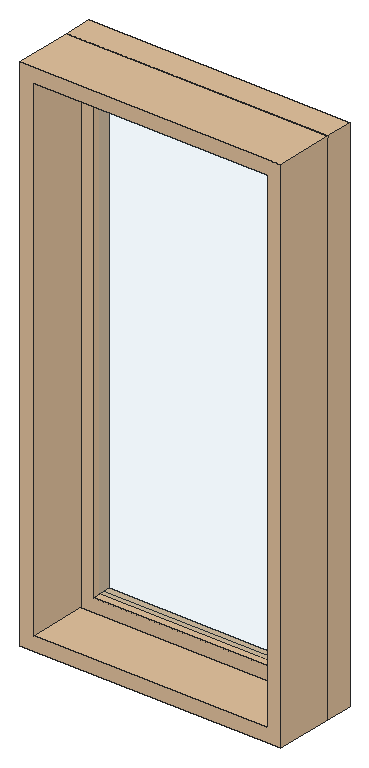
Revit family "auto-Window", category 窗, Revit 2020
Family settings
  主体 = 墙
  OmniClass 编号 = 23.30.20.17.11
  OmniClass 标题 = Fixed Windows
  总是垂直 = 是
  加载时剪切的空心 = 否
  共享 = 否
  房间计算点 = 否
Parameters (values of type "0610 x 1220mm")
  热阻(R) = 0.271106 (m²·K)/W
  定义热属性方式 = 示意图类型
  Visual Light Transmittance = 0.9
  Solar Heat Gain Coefficient = 0.78
  构造类型 ID = "GSP4R"
  传热系数(U) = 3.6886 W/(m²·K)
  框架外部材质 = 窗扇
  框架内部材质 = 窗扇
  玻璃嵌板材质 = 玻璃
  高度 = 1220 mm
  窗扇 = 窗扇
  默认窗台高度 = 915 mm
  墙闭合 = 按主体
  宽度 = 610 mm
  窗嵌入 = 19 mm
  分析构造 = "1/8 英寸 Pilkington 单层玻璃"
Types (12, lengths in mm): name | 热阻(R) | Solar Heat Gain Coefficient | 传热系数(U) | 框架外部材质 | 框架内部材质 | 高度 | 窗扇 | 默认窗台高度 | 宽度
  0406 x 0610mm | 0.271106 (m²·K)/W | 0.78 | 3.6886 W/(m²·K) | 窗扇 | 窗扇 | 610 | 窗扇 | 915 | 406
  0406 x 1220mm | 0.271106 (m²·K)/W | 0.78 | 3.6886 W/(m²·K) | 窗扇 | 窗扇 | 1220 | 窗扇 | 915 | 406
  0610 x 0610mm | 0.271106 (m²·K)/W | 0.78 | 3.6886 W/(m²·K) | 窗扇 | 窗扇 | 610 | 窗扇 | 915 | 610
  0610 x 1220mm | 0.271106 (m²·K)/W | 0.78 | 3.6886 W/(m²·K) | 窗扇 | 窗扇 | 1220 | 窗扇 | 915 | 610
  0915 x 0610mm | 0.271106 (m²·K)/W | 0.78 | 3.6886 W/(m²·K) | 窗扇 | 窗扇 | 610 | 窗扇 | 915 | 915
  0915 x 1220mm | 0.271106 (m²·K)/W | 0.78 | 3.6886 W/(m²·K) | 窗扇 | 窗扇 | 1220 | 窗扇 | 915 | 915
  0406 x 1830mm | 0.271106 (m²·K)/W | 0.78 | 3.6886 W/(m²·K) | 窗扇 | 窗扇 | 1830 | 窗扇 | 305 | 406
  0610 x 1830mm | 0.271106 (m²·K)/W | 0.78 | 3.6886 W/(m²·K) | 窗扇 | 窗扇 | 1830 | 窗扇 | 305 | 610
  0915 x 1830mm | 0.271106 (m²·K)/W | 0.78 | 3.6886 W/(m²·K) | 窗扇 | 窗扇 | 1830 | 窗扇 | 305 | 915
  1000 x 1200mm | 0.1491 (m²·K)/W | 0.86 | 6.7069 W/(m²·K) | none | none | 1200 | none | 800 | 1000
  1500 x 1500mm | 0.1491 (m²·K)/W | 0.86 | 6.7069 W/(m²·K) | none | none | 1500 | none | 800 | 1500
  1200 x 1500mm | 0.1491 (m²·K)/W | 0.86 | 6.7069 W/(m²·K) | none | none | 1500 | none | 800 | 1200
Reference planes
  plane 1: y = 0
  plane 2 "中心": x = 0
  plane 3 "左": x = -305
  plane 4 "右": x = 305
  plane 5 "窗台": z = 915
  plane 6 "水头": z = 2135
  plane 7: x = -286
  plane 8: x = 286
  plane 9: x = -273
  plane 10: x = 273
  plane 11: z = 2116
  plane 12: z = 2103
  plane 13: z = 947
  plane 14 "隔板": y = 66
Forms (mm)
  Extrusion 1, solid, material "窗扇" <- "框架内部材质"
    sketch origin (0, 0, 0) x (-1, 0, 0) y (0, 0, 1)
      loop
        line (-305, 2135) -> (-305, 915) -> (305, 915) -> (305, 2135) -> (-305, 2135)
      loop
        line (-273, 2103) -> (-273, 947) -> (273, 947) -> (273, 2103) -> (-273, 2103)
    from -87 to 50
  Extrusion 2, solid, material "窗扇" <- "框架外部材质"
    sketch origin (0, 0, 0) x (-1, 0, 0) y (0, 0, 1)
      loop
        line (-305, 2135) -> (-305, 915) -> (305, 915) -> (305, 2135) -> (-305, 2135)
      loop
        line (-286, 2116) -> (-286, 934) -> (286, 934) -> (286, 2116) -> (-286, 2116)
    from 50 to 113
  Extrusion 3, solid, material "窗扇" <- "窗扇"
    sketch origin (0, 0, 0) x (-1, 0, 0) y (0, 0, 1)
      loop
        line (-286, 2116) -> (-286, 934) -> (286, 934) -> (286, 2116) -> (-286, 2116)
      loop
        line (-242, 2072) -> (-242, 978) -> (242, 978) -> (242, 2072) -> (-242, 2072)
    from 50 to 94
  Extrusion 4, solid, material "玻璃" <- "玻璃嵌板材质"
    sketch origin (0, 0, 0) x (-1, 0, 0) y (0, 0, 1)
      loop
        line (-242, 2072) -> (-242, 978) -> (242, 978) -> (242, 2072) -> (-242, 2072)
    from 66 to 78
Lines and regions (mm)
  Opening 1
    outline origin (3500, -87, 0) x (1, 0, 0) y (0, 0, 1)
      loop
        line (-3195, 915) -> (-3195, 2135) -> (-3805, 2135) -> (-3805, 915) -> (-3195, 915)
  symbolic lines, style "WindowsFrameMullionProjection"
    curve 1: line (-305, 113, 0) -> (-286, 113, 0)
    curve 2: line (-305, -87, 0) -> (-273, -87, 0)
    curve 3: line (-286, 94, 0) -> (-242, 94, 0)
    curve 4: line (-286, 50, 0) -> (-242, 50, 0)
    curve 5: line (-286, 113, 0) -> (-286, 50, 0)
    curve 6: line (-242, 94, 0) -> (-242, 50, 0)
    curve 7: line (-273, 50, 0) -> (-273, -87, 0)
    curve 8: line (303.878, 113, 0) -> (286, 113, 0)
    curve 9: line (286, 113, 0) -> (286, 50, 0)
    curve 10: line (286, 94, 0) -> (242, 94, 0)
    curve 11: line (242, 94, 0) -> (242, 50, 0)
    curve 12: line (242, 50, 0) -> (286, 50, 0)
    curve 13: line (305, -87, 0) -> (273, -87, 0)
    curve 14: line (273, 50, 0) -> (273, -87, 0)
  symbolic lines, style "WindowsGlassProjection"
    curve 15: line (-242, 72, 0) -> (242, 72, 0)
Text (mm)
  text "EXTERIOR" at (-1394.263, 836.427, 0), in view "楼板线"
  text "INTERIOR" at (-1394.263, -535.979, 0), in view "楼板线"
  text "外部" at (0, 314.263, 3273.967), in view "右"
  text "外部" at (0, 999.457, 3063.296), in view "左"
Dimensions and locks
  equal spacing: plane 3 "左", plane 2 "中心", plane 4 "右"
  "宽度": plane 3 "左" to plane 4 "右"
  "高度": plane 5 "窗台" to plane 6 "水头"
  "默认窗台高度": plane 5 "窗台" to level
  "窗嵌入": host wall to Extrusion 3
  locked: Extrusion 3 to Extrusion 3 at 44
  locked: Extrusion 3 to Extrusion 4 at 16
  locked: Extrusion 4 to Extrusion 4 at 12
  locked: Extrusion 1 sketch curve to Extrusion 1 sketch curve at 32  (x2)
  locked: plane 3 "左" to plane 7 at 19
  locked: plane 8 to plane 4 "右" at 19
  locked: plane 10 to plane 4 "右" at 32
  locked: plane 3 "左" to plane 9 at 32
  locked: plane 11 to plane 6 "水头" at 19
  locked: plane 6 "水头" to plane 12 at 32
  locked: plane 13 to plane 5 "窗台" at 32
  locked: plane 14 "隔板" to host wall at 47
  aligned and locked: host wall to Extrusion 1
  aligned and locked: host wall to Extrusion 2
  aligned and locked: Extrusion 3 sketch curve to Extrusion 2  (x4)
  aligned and locked: Extrusion 3 to Extrusion 1
  aligned and locked: Extrusion 2 to Extrusion 1
  aligned and locked: Extrusion 4 sketch curve to Extrusion 3  (x4)
  aligned and locked: curve 1 to Extrusion 2  (x2)
  aligned and locked: Extrusion 1 to curve 2
  aligned and locked: curve 3 to Extrusion 3
  aligned and locked: curve 4 to Extrusion 2  (x2)
  aligned and locked: curve 5 to Extrusion 2
  aligned and locked: curve 6 to Extrusion 3
  aligned and locked: curve 7 to Extrusion 1
  aligned and locked: Extrusion 2 to curve 9
  aligned and locked: curve 10 to Extrusion 3
  aligned and locked: curve 11 to Extrusion 3
  aligned and locked: Extrusion 3 to curve 12
  aligned and locked: curve 13 to Extrusion 1  (x2)
  aligned and locked: curve 14 to Extrusion 1
  aligned and locked: Extrusion 2 to curve 8
Automatic sketch dimensions
  Extrusion 1 sketch curve to plane 5 "窗台" = 32 mm
  plane 6 "水头" to Extrusion 1 sketch curve = 32 mm
  plane 4 "右" to Extrusion 2 sketch curve = 19 mm
  Extrusion 2 sketch curve to Extrusion 2 sketch curve = 19 mm
  Extrusion 2 sketch curve to plane 5 "窗台" = 19 mm
  plane 6 "水头" to Extrusion 2 sketch curve = 19 mm
  Extrusion 3 sketch curve to Extrusion 3 sketch curve = 44 mm
  Extrusion 3 sketch curve to plane 3 "左" = 63 mm
  Extrusion 3 sketch curve to plane 5 "窗台" = 63 mm
  plane 6 "水头" to Extrusion 3 sketch curve = 63 mm
  Extrusion 1 sketch curve to plane 4 "右" = 0 mm
  Extrusion 1 sketch curve to plane 3 "左" = 0 mm
  Extrusion 1 sketch curve to plane 5 "窗台" = 0 mm
  Extrusion 1 sketch curve to plane 6 "水头" = 0 mm
  Extrusion 2 sketch curve to plane 4 "右" = 0 mm
  Extrusion 2 sketch curve to plane 3 "左" = 0 mm
  Extrusion 2 sketch curve to plane 5 "窗台" = 0 mm
  Extrusion 2 sketch curve to plane 6 "水头" = 0 mm
  plane 4 "右" to curve 8 = 1.122 mm
  curve 15 to curve 3 = 22 mm
  curve 2 to host wall = 0 mm
  Opening 1 sketch curve to plane 3 "左" = 0 mm
  Opening 1 sketch curve to plane 4 "右" = 0 mm
  Opening 1 sketch curve to plane 5 "窗台" = 0 mm
  Opening 1 sketch curve to plane 6 "水头" = 0 mm
